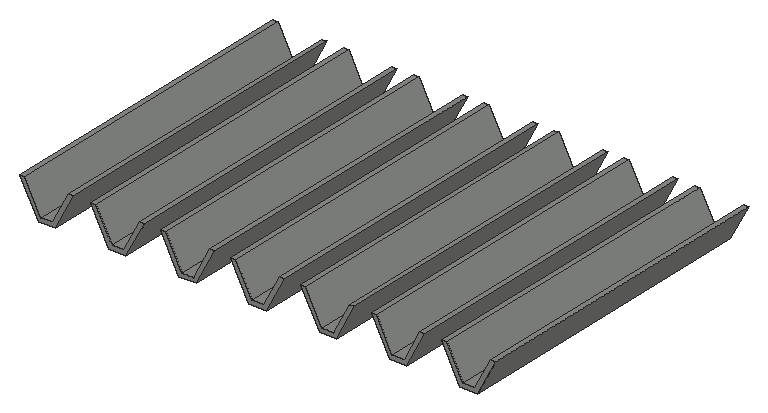
Revit family "Folded Baffles 004", category Generic Models, Revit 2021
Family settings
  Can host rebar = No
  Round Connector Dimension = Use Diameter
  Part Type = Normal
  Work Plane-Based = No
  Always vertical = Yes
  Cut with Voids When Loaded = No
  Shared = No
  Room Calculation Point = No
Parameters
  URL = "https://www.csiposhfelt.com/products/folded-baffles-004"
  Model = "Folded Baffles 004"
  Manufacturer = "CSI PoshFelt"
  Length = 6' - 0"
  Default Elevation = 0' - 0"
  Core Material [instance] = PSH002
Reference planes (in)
  plane 1 "Center (Front/Back)": y = 0
  plane 2: z = 0
  plane 3 "Center (Left/Right)": x = 0
Forms (in)
  Sweep 1, solid, material "PSH002" <- "Core Material"
    path origin (0, 0, 0) x (1, 0, 0) y (0, 1, 0)
      loop
        line (0, 36) -> (0, -36)
    profile origin (0, 0, 0) x (1, 0, 0) y (0, 0, 1)
      loop
        line (-2, 0) -> (2, 0) -> (6.125, 8) -> (4.99989, 8) -> (1.39052, 1) -> (-1.39052, 1) -> (-4.99989, 8) -> (-6.125, 8) -> (-2, 0)
  Sweep 2, solid, material "PSH002" <- "Core Material"
    path origin (16, 0, 0) x (1, 0, 0) y (0, 1, 0)
      loop
        line (0, 36) -> (0, -36)
    profile origin (16, 0, 0) x (1, 0, 0) y (0, 0, 1)
      loop
        line (-2, 0) -> (2, 0) -> (6.125, 8) -> (4.99989, 8) -> (1.39052, 1) -> (-1.39052, 1) -> (-4.99989, 8) -> (-6.125, 8) -> (-2, 0)
  Sweep 3, solid, material "PSH002" <- "Core Material"
    path origin (32, 0, 0) x (1, 0, 0) y (0, 1, 0)
      loop
        line (0, 36) -> (0, -36)
    profile origin (32, 0, 0) x (1, 0, 0) y (0, 0, 1)
      loop
        line (-2, 0) -> (2, 0) -> (6.125, 8) -> (4.99989, 8) -> (1.39052, 1) -> (-1.39052, 1) -> (-4.99989, 8) -> (-6.125, 8) -> (-2, 0)
  Sweep 4, solid, material "PSH002" <- "Core Material"
    path origin (48, 0, 0) x (1, 0, 0) y (0, 1, 0)
      loop
        line (0, 36) -> (0, -36)
    profile origin (48, 0, 0) x (1, 0, 0) y (0, 0, 1)
      loop
        line (-2, 0) -> (2, 0) -> (6.125, 8) -> (4.99989, 8) -> (1.39052, 1) -> (-1.39052, 1) -> (-4.99989, 8) -> (-6.125, 8) -> (-2, 0)
  Sweep 5, solid, material "PSH002" <- "Core Material"
    path origin (-16, 0, 0) x (1, 0, 0) y (0, 1, 0)
      loop
        line (0, 36) -> (0, -36)
    profile origin (-16, 0, 0) x (1, 0, 0) y (0, 0, 1)
      loop
        line (-2, 0) -> (2, 0) -> (6.125, 8) -> (4.99989, 8) -> (1.39052, 1) -> (-1.39052, 1) -> (-4.99989, 8) -> (-6.125, 8) -> (-2, 0)
  Sweep 6, solid, material "PSH002" <- "Core Material"
    path origin (-32, 0, 0) x (1, 0, 0) y (0, 1, 0)
      loop
        line (0, 36) -> (0, -36)
    profile origin (-32, 0, 0) x (1, 0, 0) y (0, 0, 1)
      loop
        line (-2, 0) -> (2, 0) -> (6.125, 8) -> (4.99989, 8) -> (1.39052, 1) -> (-1.39052, 1) -> (-4.99989, 8) -> (-6.125, 8) -> (-2, 0)
  Sweep 7, solid, material "PSH002" <- "Core Material"
    path origin (-48, 0, 0) x (1, 0, 0) y (0, 1, 0)
      loop
        line (0, 36) -> (0, -36)
    profile origin (-48, 0, 0) x (1, 0, 0) y (0, 0, 1)
      loop
        line (-2, 0) -> (2, 0) -> (6.125, 8) -> (4.99989, 8) -> (1.39052, 1) -> (-1.39052, 1) -> (-4.99989, 8) -> (-6.125, 8) -> (-2, 0)
Lines and regions (in)
  reference lines
    curve 1: line (-54.125, 36, 0) -> (54.125, 36, 0)
    curve 2: line (-54.125, -36, 0) -> (54.125, -36, 0)
Dimensions and locks (in)
  "Length": curve 2 to curve 1
  aligned and locked: plane 2 to level
  aligned and locked: curve 1 to Sweep 7 sketch curve
  aligned and locked: curve 2 to Sweep 7 sketch curve
  aligned and locked: curve 1 to Sweep 6 sketch curve
  aligned and locked: curve 2 to Sweep 6 sketch curve
  aligned and locked: curve 1 to Sweep 5 sketch curve
  aligned and locked: curve 2 to Sweep 5 sketch curve
  aligned and locked: curve 1 to Sweep 1 sketch curve
  aligned and locked: curve 2 to Sweep 1 sketch curve
  aligned and locked: curve 1 to Sweep 2 sketch curve
  aligned and locked: curve 2 to Sweep 2 sketch curve
  aligned and locked: curve 1 to Sweep 3 sketch curve
  aligned and locked: curve 2 to Sweep 3 sketch curve
  aligned and locked: curve 1 to Sweep 4 sketch curve
  aligned and locked: curve 2 to Sweep 4 sketch curve
Automatic sketch dimensions
  Sweep 1 sketch curve to plane 3 "Center (Left/Right)" = 0' - 0"
  Sweep 1 sketch curve to level = 0' - 0"
  profile plane to Sweep 1 sketch curve = 0' - 6 1/8"
  Sweep 1 sketch curve to Sweep 1 sketch curve = 0' - 1.12511"  (x2)
  profile plane to Sweep 1 sketch curve = 0' - 2"
  Sweep 1 sketch curve to Sweep 1 sketch curve = 0' - 0.60948"  (x2)
  Sweep 1 sketch curve to profile plane = 0' - 1.39052"
  Sweep 1 sketch curve to profile plane = 0' - 4.99989"
  level to Sweep 1 sketch curve = 0' - 1"
  Sweep 1 sketch curve to Sweep 1 sketch curve = 0' - 7"  (x2)
  plane 3 "Center (Left/Right)" to Sweep 2 sketch curve = 1' - 4"
  Sweep 2 sketch curve to level = 0' - 0"
  profile plane to Sweep 2 sketch curve = 0' - 6 1/8"
  Sweep 2 sketch curve to Sweep 2 sketch curve = 0' - 1.12511"  (x2)
  profile plane to Sweep 2 sketch curve = 0' - 2"
  Sweep 2 sketch curve to Sweep 2 sketch curve = 0' - 0.60948"  (x2)
  Sweep 2 sketch curve to profile plane = 0' - 1.39052"
  Sweep 2 sketch curve to profile plane = 0' - 4.99989"
  level to Sweep 2 sketch curve = 0' - 1"
  Sweep 2 sketch curve to Sweep 2 sketch curve = 0' - 7"  (x2)
  plane 3 "Center (Left/Right)" to Sweep 3 sketch curve = 2' - 8"
  Sweep 3 sketch curve to level = 0' - 0"
  profile plane to Sweep 3 sketch curve = 0' - 6 1/8"
  Sweep 3 sketch curve to Sweep 3 sketch curve = 0' - 1.12511"  (x2)
  profile plane to Sweep 3 sketch curve = 0' - 2"
  Sweep 3 sketch curve to Sweep 3 sketch curve = 0' - 0.60948"  (x2)
  Sweep 3 sketch curve to profile plane = 0' - 1.39052"
  Sweep 3 sketch curve to profile plane = 0' - 4.99989"
  level to Sweep 3 sketch curve = 0' - 1"
  Sweep 3 sketch curve to Sweep 3 sketch curve = 0' - 7"  (x2)
  plane 3 "Center (Left/Right)" to Sweep 4 sketch curve = 4' - 0"
  Sweep 4 sketch curve to level = 0' - 0"
  profile plane to Sweep 4 sketch curve = 0' - 6 1/8"
  Sweep 4 sketch curve to Sweep 4 sketch curve = 0' - 1.12511"  (x2)
  profile plane to Sweep 4 sketch curve = 0' - 2"
  Sweep 4 sketch curve to Sweep 4 sketch curve = 0' - 0.60948"  (x2)
  Sweep 4 sketch curve to profile plane = 0' - 1.39052"
  Sweep 4 sketch curve to profile plane = 0' - 4.99989"
  level to Sweep 4 sketch curve = 0' - 1"
  Sweep 4 sketch curve to Sweep 4 sketch curve = 0' - 7"  (x2)
  Sweep 5 sketch curve to plane 3 "Center (Left/Right)" = 1' - 4"
  Sweep 5 sketch curve to level = 0' - 0"
  profile plane to Sweep 5 sketch curve = 0' - 6 1/8"
  Sweep 5 sketch curve to Sweep 5 sketch curve = 0' - 1.12511"  (x2)
  profile plane to Sweep 5 sketch curve = 0' - 2"
  Sweep 5 sketch curve to Sweep 5 sketch curve = 0' - 0.60948"  (x2)
  Sweep 5 sketch curve to profile plane = 0' - 1.39052"
  Sweep 5 sketch curve to profile plane = 0' - 4.99989"
  level to Sweep 5 sketch curve = 0' - 1"
  Sweep 5 sketch curve to Sweep 5 sketch curve = 0' - 7"  (x2)
  Sweep 6 sketch curve to plane 3 "Center (Left/Right)" = 2' - 8"
  Sweep 6 sketch curve to level = 0' - 0"
  profile plane to Sweep 6 sketch curve = 0' - 6 1/8"
  Sweep 6 sketch curve to Sweep 6 sketch curve = 0' - 1.12511"  (x2)
  profile plane to Sweep 6 sketch curve = 0' - 2"
  Sweep 6 sketch curve to Sweep 6 sketch curve = 0' - 0.60948"  (x2)
  Sweep 6 sketch curve to profile plane = 0' - 1.39052"
  Sweep 6 sketch curve to profile plane = 0' - 4.99989"
  level to Sweep 6 sketch curve = 0' - 1"
  Sweep 6 sketch curve to Sweep 6 sketch curve = 0' - 7"  (x2)
  Sweep 7 sketch curve to plane 3 "Center (Left/Right)" = 4' - 0"
  Sweep 7 sketch curve to level = 0' - 0"
  profile plane to Sweep 7 sketch curve = 0' - 6 1/8"
  Sweep 7 sketch curve to Sweep 7 sketch curve = 0' - 1.12511"  (x2)
  profile plane to Sweep 7 sketch curve = 0' - 2"
  Sweep 7 sketch curve to Sweep 7 sketch curve = 0' - 0.60948"  (x2)
  Sweep 7 sketch curve to profile plane = 0' - 1.39052"
  Sweep 7 sketch curve to profile plane = 0' - 4.99989"
  level to Sweep 7 sketch curve = 0' - 1"
  Sweep 7 sketch curve to Sweep 7 sketch curve = 0' - 7"  (x2)
  curve 2 to plane 3 "Center (Left/Right)" = 4' - 6 1/8"
  plane 1 "Center (Front/Back)" to curve 2 = 3' - 0"
  curve 1 to plane 3 "Center (Left/Right)" = 4' - 6 1/8"
  plane 3 "Center (Left/Right)" to curve 2 = 4' - 6 1/8"
  plane 3 "Center (Left/Right)" to curve 1 = 4' - 6 1/8"
